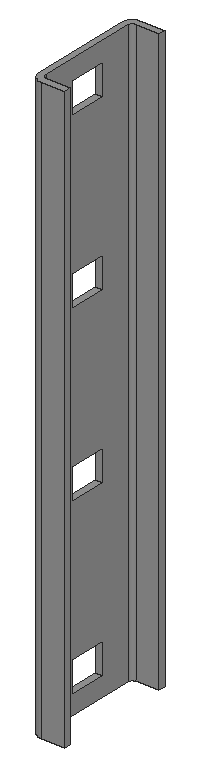
Revit family "Längsverbinder mit Schrauben - SLV 52 A4", category Generic Models, Revit 2017
Family settings
  Can host rebar = No
  Round Connector Dimension = Use Diameter
  Part Type = Normal
  Work Plane-Based = No
  Always vertical = Yes
  Cut with Voids When Loaded = No
  Shared = No
  Room Calculation Point = No
Parameters (values of type "SLV 52 A4")
  URL = "http://www.obo-bettermann.com"
  Material = Stainless steel, rustproof
  Manufacturer Art.No. = "7103592"
  Manufacturer = "OBO BETTERMANN"
  GTIN = "4012196698134"
  Cut's number = 4
  Article Type = "SLV 52 A4"
Types (3, lengths in mm): name | Material | Manufacturer Art.No. | GTIN | Article Type
  (no name) | Stainless steel, rustproof | "7103592" | "4012196698134" | "SLV 52 A4"
  SLV 52 A4 | Stainless steel, rustproof | "7103592" | "4012196698134" | "SLV 52 A4"
  SLV 62 ALU | Aluminium | "7103586" | "4012196698127" | "SLV 62 ALU"
Reference planes
  plane 1 "Center (Front/Back)": y = 0
  plane 2: z = 0
  plane 3 "Center (Left/Right)": x = 0
  plane 4: z = 170
  plane 5: z = 160
  plane 6: y = 18.129
  plane 7: z = 110
  plane 8: y = 18.129
  plane 9: z = 60
  plane 10: y = 18.129
  plane 11: z = 10
  plane 12: y = 18.129
Forms (mm)
  Extrusion 1, solid, material "Stainless steel, rustproof" <- "Material"
    sketch origin (0, 0, 0) x (1, 0, 0) y (0, 1, 0)
      loop
        line (3.3, 0) -> (10, 0) -> (10, 2) -> (3.3, 2)
        arc (3.3, 2) -> (2.381, 2.381) -> (2, 3.3) r 1.3
        line (2, 3.3) -> (2, 32.829)
        arc (2, 32.829) -> (2.381, 33.748) -> (3.3, 34.129) r 1.3
        line (3.3, 34.129) -> (10, 34.129) -> (10, 36.129) -> (3.3, 36.129)
        arc (3.3, 36.129) -> (0.967, 35.163) -> (0, 32.829) r 3.3
        line (0, 32.829) -> (0, 3.3)
        arc (0, 3.3) -> (0.967, 0.967) -> (3.3, 0) r 3.3
    from 0 to 170
  Extrusion 2, void
    sketch origin (0, 0, 0) x (0, 1, 0) y (0, 0, 1)
      loop
        line (23.629, 164.5) -> (12.629, 164.5) -> (12.629, 155.5) -> (23.629, 155.5) -> (23.629, 164.5)
    from 0 to 2
  Extrusion 3, void
    sketch origin (0, 0, -50) x (0, 1, 0) y (0, 0, 1)
      loop
        line (23.629, 164.5) -> (12.629, 164.5) -> (12.629, 155.5) -> (23.629, 155.5) -> (23.629, 164.5)
    from 0 to 2
  Extrusion 4, void
    sketch origin (0, 0, -100) x (0, 1, 0) y (0, 0, 1)
      loop
        line (23.629, 164.5) -> (12.629, 164.5) -> (12.629, 155.5) -> (23.629, 155.5) -> (23.629, 164.5)
    from 0 to 2
  Extrusion 5, void
    sketch origin (0, 0, -150) x (0, 1, 0) y (0, 0, 1)
      loop
        line (23.629, 164.5) -> (12.629, 164.5) -> (12.629, 155.5) -> (23.629, 155.5) -> (23.629, 164.5)
    from 0 to 2
Cuts and joins
  Extrusion 2, Extrusion 3, Extrusion 4, Extrusion 5 cuts Extrusion 1
Dimensions and locks
  locked: Extrusion 1 sketch curve to Extrusion 1 sketch curve at 2
  locked: Extrusion 1 sketch curve to Extrusion 1 sketch curve at 10  (x2)
  locked: Extrusion 1 sketch curve to Extrusion 1 sketch curve at 36.129
  locked: plane 4 to level at 170
  plane 1 "Center (Front/Back)" to Extrusion 1 = 2 mm
  locked: Extrusion 2 sketch curve to Extrusion 2 sketch curve at 11
  locked: plane 6 to Extrusion 2 sketch curve at 5.5
  locked: Extrusion 2 sketch curve to Extrusion 2 sketch curve at 9
  locked: plane 5 to Extrusion 2 sketch curve at 4.5
  locked: Extrusion 3 sketch curve to Extrusion 3 sketch curve at 11
  locked: plane 8 to Extrusion 3 sketch curve at 5.5
  locked: Extrusion 3 sketch curve to Extrusion 3 sketch curve at 9
  locked: plane 7 to Extrusion 3 sketch curve at 4.5
  equal spacing: group 1, group 2, group 3, group 4  (x2)
  equal spacing: group 4, group 3, group 2, group 1
  locked: Extrusion 4 sketch curve to Extrusion 4 sketch curve at 11
  locked: plane 10 to Extrusion 4 sketch curve at 5.5
  locked: Extrusion 4 sketch curve to Extrusion 4 sketch curve at 9
  locked: plane 9 to Extrusion 4 sketch curve at 4.5
  locked: Extrusion 5 sketch curve to Extrusion 5 sketch curve at 11
  locked: plane 12 to Extrusion 5 sketch curve at 5.5
  locked: Extrusion 5 sketch curve to Extrusion 5 sketch curve at 9
  locked: plane 11 to Extrusion 5 sketch curve at 4.5
  aligned and locked: level to plane 2
  aligned and locked: plane 4 to Extrusion 1
  aligned and locked: Extrusion 1 to plane 3 "Center (Left/Right)"
  aligned and locked: Extrusion 1 to Extrusion 2
Automatic sketch dimensions
  Extrusion 1 sketch curve to Extrusion 1 sketch curve = 0 mm  (x4)
  Extrusion 1 sketch curve to plane 3 "Center (Left/Right)" = 0 mm
  plane 1 "Center (Front/Back)" to Extrusion 1 sketch curve = 0 mm
  Extrusion 1 sketch curve to Extrusion 1 sketch curve = 1.3 mm
  plane 3 "Center (Left/Right)" to Extrusion 1 sketch curve = 3.3 mm
